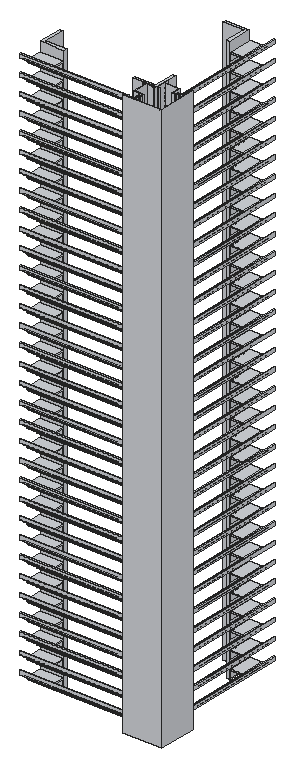
Revit family "ES-EL-2 (Box Corner)", category Mechanical Equipment, Revit 2015 (continued)
Automatic sketch dimensions
  Extrusion 33 sketch curve to Extrusion 33 sketch curve = 0' - 0.04592"
  Extrusion 33 sketch curve to Extrusion 33 sketch curve = 0' - 0.05389"
  Extrusion 33 sketch curve to Extrusion 33 sketch curve = 0' - 0.04285"
  Extrusion 33 sketch curve to Extrusion 33 sketch curve = 0' - 0.07088"
  Extrusion 33 sketch curve to Extrusion 33 sketch curve = 0' - 0.11395"
  Extrusion 33 sketch curve to Extrusion 33 sketch curve = 0' - 0.28177"
  Extrusion 34 sketch curve to Extrusion 34 sketch curve = 0' - 0.059"
  Extrusion 34 sketch curve to Extrusion 34 sketch curve = 0' - 0.09455"
  Extrusion 34 sketch curve to Extrusion 34 sketch curve = 0' - 0.16713"
  Extrusion 34 sketch curve to Extrusion 34 sketch curve = 0' - 0.10396"
  Extrusion 34 sketch curve to Extrusion 34 sketch curve = 0' - 0.04188"
  Extrusion 34 sketch curve to Extrusion 34 sketch curve = 0' - 0.07328"
  Extrusion 34 sketch curve to Extrusion 34 sketch curve = 0' - 0.03705"
  Extrusion 34 sketch curve to Extrusion 34 sketch curve = 0' - 0.06678"
  Extrusion 34 sketch curve to Extrusion 34 sketch curve = 0' - 0.03441"
  Extrusion 34 sketch curve to Extrusion 34 sketch curve = 0' - 0.08971"
  Extrusion 34 sketch curve to Extrusion 34 sketch curve = 0' - 0.06591"
  Extrusion 34 sketch curve to Extrusion 34 sketch curve = 0' - 0.02101"
  Extrusion 34 sketch curve to Extrusion 34 sketch curve = 0' - 0.08093"
  Extrusion 34 sketch curve to Extrusion 34 sketch curve = 0' - 0.0092"
  Extrusion 34 sketch curve to Extrusion 34 sketch curve = 0' - 0.0249"
  Extrusion 34 sketch curve to Extrusion 34 sketch curve = 0' - 0.04679"
  Extrusion 34 sketch curve to Extrusion 34 sketch curve = 0' - 0.04475"
  Extrusion 34 sketch curve to Extrusion 34 sketch curve = 0' - 0.03472"
  Extrusion 34 sketch curve to Extrusion 34 sketch curve = 0' - 0.04794"
  Extrusion 34 sketch curve to Extrusion 34 sketch curve = 0' - 0.09251"
  Extrusion 34 sketch curve to Extrusion 34 sketch curve = 0' - 0.01641"
  Extrusion 34 sketch curve to Extrusion 34 sketch curve = 0' - 0.10787"
  Extrusion 34 sketch curve to Extrusion 34 sketch curve = 0' - 0.07052"
  Extrusion 34 sketch curve to Extrusion 34 sketch curve = 0' - 0.02971"
  Extrusion 34 sketch curve to Extrusion 34 sketch curve = 0' - 0.03652"
  Extrusion 34 sketch curve to Extrusion 34 sketch curve = 0' - 0.06407"
  Extrusion 34 sketch curve to Extrusion 34 sketch curve = 0' - 0.0028"
  Extrusion 34 sketch curve to Extrusion 34 sketch curve = 0' - 0.17908"
  Extrusion 34 sketch curve to Extrusion 34 sketch curve = 0' - 0.0484"
  Extrusion 34 sketch curve to Extrusion 34 sketch curve = 0' - 0.00685"
  Extrusion 34 sketch curve to Extrusion 34 sketch curve = 0' - 0.02635"
  Extrusion 34 sketch curve to Extrusion 34 sketch curve = 0' - 0.03989"
  Extrusion 34 sketch curve to Extrusion 34 sketch curve = 0' - 0.07851"
  Extrusion 34 sketch curve to Extrusion 34 sketch curve = 0' - 0.04274"
  Extrusion 34 sketch curve to Extrusion 34 sketch curve = 0' - 0.05351"
  Extrusion 34 sketch curve to Extrusion 34 sketch curve = 0' - 0.13725"
  Extrusion 34 sketch curve to Extrusion 34 sketch curve = 0' - 0.01694"
  Extrusion 34 sketch curve to Extrusion 34 sketch curve = 0' - 0.06256"
  Extrusion 34 sketch curve to Extrusion 34 sketch curve = 0' - 0.06379"
  Extrusion 34 sketch curve to Extrusion 34 sketch curve = 0' - 0.06947"
  Extrusion 34 sketch curve to Extrusion 34 sketch curve = 0' - 0.00615"
  Extrusion 34 sketch curve to Extrusion 34 sketch curve = 0' - 0.0107"
  Extrusion 34 sketch curve to Extrusion 34 sketch curve = 0' - 0.06383"
  Extrusion 34 sketch curve to Extrusion 34 sketch curve = 0' - 0.00524"
  Extrusion 34 sketch curve to Extrusion 34 sketch curve = 0' - 0.05333"
  Extrusion 34 sketch curve to Extrusion 34 sketch curve = 0' - 0.02167"
  Extrusion 34 sketch curve to Extrusion 34 sketch curve = 0' - 0.06255"
  Extrusion 34 sketch curve to Extrusion 34 sketch curve = 0' - 0.01996"
  Extrusion 34 sketch curve to Extrusion 34 sketch curve = 0' - 0.07389"
  Extrusion 34 sketch curve to Extrusion 34 sketch curve = 0' - 0.08882"
  Extrusion 34 sketch curve to Extrusion 34 sketch curve = 0' - 0.14048"
  Extrusion 34 sketch curve to Extrusion 34 sketch curve = 0' - 0.07571"
  Extrusion 34 sketch curve to Extrusion 34 sketch curve = 0' - 0.01536"
  Extrusion 34 sketch curve to Extrusion 34 sketch curve = 0' - 0.04056"
  Extrusion 34 sketch curve to Extrusion 34 sketch curve = 0' - 0.01509"
  Extrusion 34 sketch curve to Extrusion 34 sketch curve = 0' - 0.03469"
  Extrusion 34 sketch curve to Extrusion 34 sketch curve = 0' - 0.06126"
  Extrusion 34 sketch curve to Extrusion 34 sketch curve = 0' - 0.11488"
  Extrusion 34 sketch curve to Extrusion 34 sketch curve = 0' - 0.04313"
  Extrusion 34 sketch curve to Extrusion 34 sketch curve = 0' - 0.03758"
  Extrusion 34 sketch curve to Extrusion 34 sketch curve = 0' - 0.00683"
  Extrusion 34 sketch curve to Extrusion 34 sketch curve = 0' - 0.05466"
  Extrusion 34 sketch curve to Extrusion 34 sketch curve = 0' - 0.08634"
  Extrusion 34 sketch curve to Extrusion 34 sketch curve = 0' - 0.0603"
  Extrusion 34 sketch curve to Extrusion 34 sketch curve = 0' - 0.05923"
  Extrusion 34 sketch curve to Extrusion 34 sketch curve = 0' - 0.03824"
  Extrusion 34 sketch curve to Extrusion 34 sketch curve = 0' - 0.02856"
  Extrusion 34 sketch curve to Extrusion 34 sketch curve = 0' - 0.01716"
  Extrusion 34 sketch curve to Extrusion 34 sketch curve = 0' - 0.08747"
  Extrusion 34 sketch curve to Extrusion 34 sketch curve = 0' - 0.01878"
  Extrusion 34 sketch curve to Extrusion 34 sketch curve = 0' - 0.03113"
  Extrusion 34 sketch curve to Extrusion 34 sketch curve = 0' - 0.06323"
  Extrusion 34 sketch curve to Extrusion 34 sketch curve = 0' - 0.04564"
  Extrusion 34 sketch curve to Extrusion 34 sketch curve = 0' - 0.03681"
  Extrusion 34 sketch curve to Extrusion 34 sketch curve = 0' - 0.00656"
  Extrusion 34 sketch curve to Extrusion 34 sketch curve = 0' - 0.04106"
  Extrusion 34 sketch curve to Extrusion 34 sketch curve = 0' - 0.04775"
  Extrusion 34 sketch curve to Extrusion 34 sketch curve = 0' - 0.03768"
  Extrusion 34 sketch curve to Extrusion 34 sketch curve = 0' - 0.03841"
  Extrusion 34 sketch curve to Extrusion 34 sketch curve = 0' - 0.03993"
  Extrusion 34 sketch curve to Extrusion 34 sketch curve = 0' - 0.01637"
  Extrusion 34 sketch curve to Extrusion 34 sketch curve = 0' - 0 1/8"
  Extrusion 34 sketch curve to Extrusion 34 sketch curve = 0' - 0.03201"
  Extrusion 34 sketch curve to Extrusion 34 sketch curve = 0' - 0.01218"
  Extrusion 34 sketch curve to Extrusion 34 sketch curve = 0' - 0.00093"
  Extrusion 34 sketch curve to Extrusion 34 sketch curve = 0' - 0.06293"
  Extrusion 34 sketch curve to Extrusion 34 sketch curve = 0' - 0.01359"
  Extrusion 34 sketch curve to Extrusion 34 sketch curve = 0' - 0.06169"
  Extrusion 34 sketch curve to Extrusion 34 sketch curve = 0' - 0.06257"
  Extrusion 34 sketch curve to Extrusion 34 sketch curve = 0' - 0.20021"
  Extrusion 34 sketch curve to Extrusion 34 sketch curve = 0' - 0.05817"
  Extrusion 34 sketch curve to Extrusion 34 sketch curve = 0' - 0.10469"
  Extrusion 34 sketch curve to Extrusion 34 sketch curve = 0' - 0.03118"
  Extrusion 34 sketch curve to Extrusion 34 sketch curve = 0' - 0.14616"
  Extrusion 34 sketch curve to Extrusion 34 sketch curve = 0' - 0.04871"
  Extrusion 34 sketch curve to Extrusion 34 sketch curve = 0' - 0.05895"
  Extrusion 34 sketch curve to Extrusion 34 sketch curve = 0' - 0.04592"
  Extrusion 34 sketch curve to Extrusion 34 sketch curve = 0' - 0.05389"
  Extrusion 34 sketch curve to Extrusion 34 sketch curve = 0' - 0.04285"
  Extrusion 34 sketch curve to Extrusion 34 sketch curve = 0' - 0.07088"
  Extrusion 34 sketch curve to Extrusion 34 sketch curve = 0' - 0.11395"
  Extrusion 34 sketch curve to Extrusion 34 sketch curve = 0' - 0.28177"
  Extrusion 35 sketch curve to Extrusion 35 sketch curve = 0' - 0.059"
  Extrusion 35 sketch curve to Extrusion 35 sketch curve = 0' - 0.09455"
  Extrusion 35 sketch curve to Extrusion 35 sketch curve = 0' - 0.16713"
  Extrusion 35 sketch curve to Extrusion 35 sketch curve = 0' - 0.10396"
  Extrusion 35 sketch curve to Extrusion 35 sketch curve = 0' - 0.04188"
  Extrusion 35 sketch curve to Extrusion 35 sketch curve = 0' - 0.07328"
  Extrusion 35 sketch curve to Extrusion 35 sketch curve = 0' - 0.03705"
  Extrusion 35 sketch curve to Extrusion 35 sketch curve = 0' - 0.06678"
  Extrusion 35 sketch curve to Extrusion 35 sketch curve = 0' - 0.03441"
  Extrusion 35 sketch curve to Extrusion 35 sketch curve = 0' - 0.08971"
  Extrusion 35 sketch curve to Extrusion 35 sketch curve = 0' - 0.06591"
  Extrusion 35 sketch curve to Extrusion 35 sketch curve = 0' - 0.02101"
  Extrusion 35 sketch curve to Extrusion 35 sketch curve = 0' - 0.08093"
  Extrusion 35 sketch curve to Extrusion 35 sketch curve = 0' - 0.0092"
  Extrusion 35 sketch curve to Extrusion 35 sketch curve = 0' - 0.0249"
  Extrusion 35 sketch curve to Extrusion 35 sketch curve = 0' - 0.04679"
  Extrusion 35 sketch curve to Extrusion 35 sketch curve = 0' - 0.04475"
  Extrusion 35 sketch curve to Extrusion 35 sketch curve = 0' - 0.03472"
  Extrusion 35 sketch curve to Extrusion 35 sketch curve = 0' - 0.04794"
  Extrusion 35 sketch curve to Extrusion 35 sketch curve = 0' - 0.09251"
  Extrusion 35 sketch curve to Extrusion 35 sketch curve = 0' - 0.01641"
  Extrusion 35 sketch curve to Extrusion 35 sketch curve = 0' - 0.10787"
  Extrusion 35 sketch curve to Extrusion 35 sketch curve = 0' - 0.07052"
  Extrusion 35 sketch curve to Extrusion 35 sketch curve = 0' - 0.02971"
  Extrusion 35 sketch curve to Extrusion 35 sketch curve = 0' - 0.03652"
  Extrusion 35 sketch curve to Extrusion 35 sketch curve = 0' - 0.06407"
  Extrusion 35 sketch curve to Extrusion 35 sketch curve = 0' - 0.0028"
  Extrusion 35 sketch curve to Extrusion 35 sketch curve = 0' - 0.17908"
  Extrusion 35 sketch curve to Extrusion 35 sketch curve = 0' - 0.0484"
  Extrusion 35 sketch curve to Extrusion 35 sketch curve = 0' - 0.00685"
  Extrusion 35 sketch curve to Extrusion 35 sketch curve = 0' - 0.02635"
  Extrusion 35 sketch curve to Extrusion 35 sketch curve = 0' - 0.03989"
  Extrusion 35 sketch curve to Extrusion 35 sketch curve = 0' - 0.07851"
  Extrusion 35 sketch curve to Extrusion 35 sketch curve = 0' - 0.04274"
  Extrusion 35 sketch curve to Extrusion 35 sketch curve = 0' - 0.05351"
  Extrusion 35 sketch curve to Extrusion 35 sketch curve = 0' - 0.13725"
  Extrusion 35 sketch curve to Extrusion 35 sketch curve = 0' - 0.01694"
  Extrusion 35 sketch curve to Extrusion 35 sketch curve = 0' - 0.06256"
  Extrusion 35 sketch curve to Extrusion 35 sketch curve = 0' - 0.06379"
  Extrusion 35 sketch curve to Extrusion 35 sketch curve = 0' - 0.06947"
  Extrusion 35 sketch curve to Extrusion 35 sketch curve = 0' - 0.00615"
  Extrusion 35 sketch curve to Extrusion 35 sketch curve = 0' - 0.0107"
  Extrusion 35 sketch curve to Extrusion 35 sketch curve = 0' - 0.06383"
  Extrusion 35 sketch curve to Extrusion 35 sketch curve = 0' - 0.00524"
  Extrusion 35 sketch curve to Extrusion 35 sketch curve = 0' - 0.05333"
  Extrusion 35 sketch curve to Extrusion 35 sketch curve = 0' - 0.02167"
  Extrusion 35 sketch curve to Extrusion 35 sketch curve = 0' - 0.06255"
  Extrusion 35 sketch curve to Extrusion 35 sketch curve = 0' - 0.01996"
  Extrusion 35 sketch curve to Extrusion 35 sketch curve = 0' - 0.07389"
  Extrusion 35 sketch curve to Extrusion 35 sketch curve = 0' - 0.08882"
  Extrusion 35 sketch curve to Extrusion 35 sketch curve = 0' - 0.14048"
  Extrusion 35 sketch curve to Extrusion 35 sketch curve = 0' - 0.07571"
  Extrusion 35 sketch curve to Extrusion 35 sketch curve = 0' - 0.01536"
  Extrusion 35 sketch curve to Extrusion 35 sketch curve = 0' - 0.04056"
  Extrusion 35 sketch curve to Extrusion 35 sketch curve = 0' - 0.01509"
  Extrusion 35 sketch curve to Extrusion 35 sketch curve = 0' - 0.03469"
  Extrusion 35 sketch curve to Extrusion 35 sketch curve = 0' - 0.06126"
  Extrusion 35 sketch curve to Extrusion 35 sketch curve = 0' - 0.11488"
  Extrusion 35 sketch curve to Extrusion 35 sketch curve = 0' - 0.04313"
  Extrusion 35 sketch curve to Extrusion 35 sketch curve = 0' - 0.03758"
  Extrusion 35 sketch curve to Extrusion 35 sketch curve = 0' - 0.00683"
  Extrusion 35 sketch curve to Extrusion 35 sketch curve = 0' - 0.05466"
  Extrusion 35 sketch curve to Extrusion 35 sketch curve = 0' - 0.08634"
  Extrusion 35 sketch curve to Extrusion 35 sketch curve = 0' - 0.0603"
  Extrusion 35 sketch curve to Extrusion 35 sketch curve = 0' - 0.05923"
  Extrusion 35 sketch curve to Extrusion 35 sketch curve = 0' - 0.03824"
  Extrusion 35 sketch curve to Extrusion 35 sketch curve = 0' - 0.02856"
  Extrusion 35 sketch curve to Extrusion 35 sketch curve = 0' - 0.01716"
  Extrusion 35 sketch curve to Extrusion 35 sketch curve = 0' - 0.08747"
  Extrusion 35 sketch curve to Extrusion 35 sketch curve = 0' - 0.01878"
  Extrusion 35 sketch curve to Extrusion 35 sketch curve = 0' - 0.03113"
  Extrusion 35 sketch curve to Extrusion 35 sketch curve = 0' - 0.06323"
  Extrusion 35 sketch curve to Extrusion 35 sketch curve = 0' - 0.04564"
  Extrusion 35 sketch curve to Extrusion 35 sketch curve = 0' - 0.03681"
  Extrusion 35 sketch curve to Extrusion 35 sketch curve = 0' - 0.00656"
  Extrusion 35 sketch curve to Extrusion 35 sketch curve = 0' - 0.04106"
  Extrusion 35 sketch curve to Extrusion 35 sketch curve = 0' - 0.04775"
  Extrusion 35 sketch curve to Extrusion 35 sketch curve = 0' - 0.03768"
  Extrusion 35 sketch curve to Extrusion 35 sketch curve = 0' - 0.03841"
  Extrusion 35 sketch curve to Extrusion 35 sketch curve = 0' - 0.03993"
  Extrusion 35 sketch curve to Extrusion 35 sketch curve = 0' - 0.01637"
  Extrusion 35 sketch curve to Extrusion 35 sketch curve = 0' - 0 1/8"
  Extrusion 35 sketch curve to Extrusion 35 sketch curve = 0' - 0.03201"
  Extrusion 35 sketch curve to Extrusion 35 sketch curve = 0' - 0.01218"
  Extrusion 35 sketch curve to Extrusion 35 sketch curve = 0' - 0.00093"
  Extrusion 35 sketch curve to Extrusion 35 sketch curve = 0' - 0.06293"
  Extrusion 35 sketch curve to Extrusion 35 sketch curve = 0' - 0.01359"
  Extrusion 35 sketch curve to Extrusion 35 sketch curve = 0' - 0.06169"
  Extrusion 35 sketch curve to Extrusion 35 sketch curve = 0' - 0.06257"
  Extrusion 35 sketch curve to Extrusion 35 sketch curve = 0' - 0.20021"
  Extrusion 35 sketch curve to Extrusion 35 sketch curve = 0' - 0.05817"
  Extrusion 35 sketch curve to Extrusion 35 sketch curve = 0' - 0.10469"
  Extrusion 35 sketch curve to Extrusion 35 sketch curve = 0' - 0.03118"
  Extrusion 35 sketch curve to Extrusion 35 sketch curve = 0' - 0.14616"
  Extrusion 35 sketch curve to Extrusion 35 sketch curve = 0' - 0.04871"
  Extrusion 35 sketch curve to Extrusion 35 sketch curve = 0' - 0.05895"
  Extrusion 35 sketch curve to Extrusion 35 sketch curve = 0' - 0.04592"
  Extrusion 35 sketch curve to Extrusion 35 sketch curve = 0' - 0.05389"
  Extrusion 35 sketch curve to Extrusion 35 sketch curve = 0' - 0.04285"
  Extrusion 35 sketch curve to Extrusion 35 sketch curve = 0' - 0.07088"
  Extrusion 35 sketch curve to Extrusion 35 sketch curve = 0' - 0.11395"
  Extrusion 35 sketch curve to Extrusion 35 sketch curve = 0' - 0.28177"
  Extrusion 36 sketch curve to Extrusion 36 sketch curve = 0' - 0.059"
  Extrusion 36 sketch curve to Extrusion 36 sketch curve = 0' - 0.09455"
  Extrusion 36 sketch curve to Extrusion 36 sketch curve = 0' - 0.16713"
  Extrusion 36 sketch curve to Extrusion 36 sketch curve = 0' - 0.10396"
  Extrusion 36 sketch curve to Extrusion 36 sketch curve = 0' - 0.04188"
  Extrusion 36 sketch curve to Extrusion 36 sketch curve = 0' - 0.07328"
  Extrusion 36 sketch curve to Extrusion 36 sketch curve = 0' - 0.03705"
  Extrusion 36 sketch curve to Extrusion 36 sketch curve = 0' - 0.06678"
  Extrusion 36 sketch curve to Extrusion 36 sketch curve = 0' - 0.03441"
  Extrusion 36 sketch curve to Extrusion 36 sketch curve = 0' - 0.08971"
  Extrusion 36 sketch curve to Extrusion 36 sketch curve = 0' - 0.06591"
  Extrusion 36 sketch curve to Extrusion 36 sketch curve = 0' - 0.02101"
  Extrusion 36 sketch curve to Extrusion 36 sketch curve = 0' - 0.08093"
  Extrusion 36 sketch curve to Extrusion 36 sketch curve = 0' - 0.0092"
  Extrusion 36 sketch curve to Extrusion 36 sketch curve = 0' - 0.0249"
  Extrusion 36 sketch curve to Extrusion 36 sketch curve = 0' - 0.04679"
  Extrusion 36 sketch curve to Extrusion 36 sketch curve = 0' - 0.04475"
  Extrusion 36 sketch curve to Extrusion 36 sketch curve = 0' - 0.03472"
  Extrusion 36 sketch curve to Extrusion 36 sketch curve = 0' - 0.04794"
  Extrusion 36 sketch curve to Extrusion 36 sketch curve = 0' - 0.09251"
  Extrusion 36 sketch curve to Extrusion 36 sketch curve = 0' - 0.01641"
  Extrusion 36 sketch curve to Extrusion 36 sketch curve = 0' - 0.10787"
  Extrusion 36 sketch curve to Extrusion 36 sketch curve = 0' - 0.07052"
  Extrusion 36 sketch curve to Extrusion 36 sketch curve = 0' - 0.02971"
  Extrusion 36 sketch curve to Extrusion 36 sketch curve = 0' - 0.03652"
  Extrusion 36 sketch curve to Extrusion 36 sketch curve = 0' - 0.06407"
  Extrusion 36 sketch curve to Extrusion 36 sketch curve = 0' - 0.0028"
  Extrusion 36 sketch curve to Extrusion 36 sketch curve = 0' - 0.17908"
  Extrusion 36 sketch curve to Extrusion 36 sketch curve = 0' - 0.0484"
  Extrusion 36 sketch curve to Extrusion 36 sketch curve = 0' - 0.00685"
  Extrusion 36 sketch curve to Extrusion 36 sketch curve = 0' - 0.02635"
  Extrusion 36 sketch curve to Extrusion 36 sketch curve = 0' - 0.03989"
  Extrusion 36 sketch curve to Extrusion 36 sketch curve = 0' - 0.07851"
  Extrusion 36 sketch curve to Extrusion 36 sketch curve = 0' - 0.04274"
  Extrusion 36 sketch curve to Extrusion 36 sketch curve = 0' - 0.05351"
  Extrusion 36 sketch curve to Extrusion 36 sketch curve = 0' - 0.13725"
  Extrusion 36 sketch curve to Extrusion 36 sketch curve = 0' - 0.01694"
  Extrusion 36 sketch curve to Extrusion 36 sketch curve = 0' - 0.06256"
  Extrusion 36 sketch curve to Extrusion 36 sketch curve = 0' - 0.06379"
  Extrusion 36 sketch curve to Extrusion 36 sketch curve = 0' - 0.06947"
  Extrusion 36 sketch curve to Extrusion 36 sketch curve = 0' - 0.00615"
  Extrusion 36 sketch curve to Extrusion 36 sketch curve = 0' - 0.0107"
  Extrusion 36 sketch curve to Extrusion 36 sketch curve = 0' - 0.06383"
  Extrusion 36 sketch curve to Extrusion 36 sketch curve = 0' - 0.00524"
  Extrusion 36 sketch curve to Extrusion 36 sketch curve = 0' - 0.05333"
  Extrusion 36 sketch curve to Extrusion 36 sketch curve = 0' - 0.02167"
  Extrusion 36 sketch curve to Extrusion 36 sketch curve = 0' - 0.06255"
  Extrusion 36 sketch curve to Extrusion 36 sketch curve = 0' - 0.01996"
  Extrusion 36 sketch curve to Extrusion 36 sketch curve = 0' - 0.07389"
  Extrusion 36 sketch curve to Extrusion 36 sketch curve = 0' - 0.08882"
  Extrusion 36 sketch curve to Extrusion 36 sketch curve = 0' - 0.14048"
  Extrusion 36 sketch curve to Extrusion 36 sketch curve = 0' - 0.07571"
  Extrusion 36 sketch curve to Extrusion 36 sketch curve = 0' - 0.01536"
  Extrusion 36 sketch curve to Extrusion 36 sketch curve = 0' - 0.04056"
  Extrusion 36 sketch curve to Extrusion 36 sketch curve = 0' - 0.01509"
  Extrusion 36 sketch curve to Extrusion 36 sketch curve = 0' - 0.03469"
  Extrusion 36 sketch curve to Extrusion 36 sketch curve = 0' - 0.06126"
  Extrusion 36 sketch curve to Extrusion 36 sketch curve = 0' - 0.11488"
  Extrusion 36 sketch curve to Extrusion 36 sketch curve = 0' - 0.04313"
  Extrusion 36 sketch curve to Extrusion 36 sketch curve = 0' - 0.03758"
  Extrusion 36 sketch curve to Extrusion 36 sketch curve = 0' - 0.00683"
  Extrusion 36 sketch curve to Extrusion 36 sketch curve = 0' - 0.05466"
  Extrusion 36 sketch curve to Extrusion 36 sketch curve = 0' - 0.08634"
  Extrusion 36 sketch curve to Extrusion 36 sketch curve = 0' - 0.0603"
  Extrusion 36 sketch curve to Extrusion 36 sketch curve = 0' - 0.05923"
  Extrusion 36 sketch curve to Extrusion 36 sketch curve = 0' - 0.03824"
  Extrusion 36 sketch curve to Extrusion 36 sketch curve = 0' - 0.02856"
  Extrusion 36 sketch curve to Extrusion 36 sketch curve = 0' - 0.01716"
  Extrusion 36 sketch curve to Extrusion 36 sketch curve = 0' - 0.08747"
  Extrusion 36 sketch curve to Extrusion 36 sketch curve = 0' - 0.01878"
  Extrusion 36 sketch curve to Extrusion 36 sketch curve = 0' - 0.03113"
  Extrusion 36 sketch curve to Extrusion 36 sketch curve = 0' - 0.06323"
  Extrusion 36 sketch curve to Extrusion 36 sketch curve = 0' - 0.04564"
  Extrusion 36 sketch curve to Extrusion 36 sketch curve = 0' - 0.03681"
  Extrusion 36 sketch curve to Extrusion 36 sketch curve = 0' - 0.00656"
  Extrusion 36 sketch curve to Extrusion 36 sketch curve = 0' - 0.04106"
  Extrusion 36 sketch curve to Extrusion 36 sketch curve = 0' - 0.04775"
  Extrusion 36 sketch curve to Extrusion 36 sketch curve = 0' - 0.03768"
  Extrusion 36 sketch curve to Extrusion 36 sketch curve = 0' - 0.03841"
  Extrusion 36 sketch curve to Extrusion 36 sketch curve = 0' - 0.03993"
  Extrusion 36 sketch curve to Extrusion 36 sketch curve = 0' - 0.01637"
  Extrusion 36 sketch curve to Extrusion 36 sketch curve = 0' - 0 1/8"
  Extrusion 36 sketch curve to Extrusion 36 sketch curve = 0' - 0.03201"
  Extrusion 36 sketch curve to Extrusion 36 sketch curve = 0' - 0.01218"
  Extrusion 36 sketch curve to Extrusion 36 sketch curve = 0' - 0.00093"
  Extrusion 36 sketch curve to Extrusion 36 sketch curve = 0' - 0.06293"
  Extrusion 36 sketch curve to Extrusion 36 sketch curve = 0' - 0.01359"
  Extrusion 36 sketch curve to Extrusion 36 sketch curve = 0' - 0.06169"
  Extrusion 36 sketch curve to Extrusion 36 sketch curve = 0' - 0.06257"
  Extrusion 36 sketch curve to Extrusion 36 sketch curve = 0' - 0.20021"
  Extrusion 36 sketch curve to Extrusion 36 sketch curve = 0' - 0.05817"
  Extrusion 36 sketch curve to Extrusion 36 sketch curve = 0' - 0.10469"
  Extrusion 36 sketch curve to Extrusion 36 sketch curve = 0' - 0.03118"
  Extrusion 36 sketch curve to Extrusion 36 sketch curve = 0' - 0.14616"
  Extrusion 36 sketch curve to Extrusion 36 sketch curve = 0' - 0.04871"
  Extrusion 36 sketch curve to Extrusion 36 sketch curve = 0' - 0.05895"
  Extrusion 36 sketch curve to Extrusion 36 sketch curve = 0' - 0.04592"
  Extrusion 36 sketch curve to Extrusion 36 sketch curve = 0' - 0.05389"
  Extrusion 36 sketch curve to Extrusion 36 sketch curve = 0' - 0.04285"
  Extrusion 36 sketch curve to Extrusion 36 sketch curve = 0' - 0.07088"
  Extrusion 36 sketch curve to Extrusion 36 sketch curve = 0' - 0.11395"
  Extrusion 36 sketch curve to Extrusion 36 sketch curve = 0' - 0.28177"
  Extrusion 37 sketch curve to Extrusion 37 sketch curve = 0' - 0.059"
  Extrusion 37 sketch curve to Extrusion 37 sketch curve = 0' - 0.09455"
  Extrusion 37 sketch curve to Extrusion 37 sketch curve = 0' - 0.16713"
  Extrusion 37 sketch curve to Extrusion 37 sketch curve = 0' - 0.10396"
  Extrusion 37 sketch curve to Extrusion 37 sketch curve = 0' - 0.04188"
  Extrusion 37 sketch curve to Extrusion 37 sketch curve = 0' - 0.07328"
  Extrusion 37 sketch curve to Extrusion 37 sketch curve = 0' - 0.03705"
  Extrusion 37 sketch curve to Extrusion 37 sketch curve = 0' - 0.06678"
  Extrusion 37 sketch curve to Extrusion 37 sketch curve = 0' - 0.03441"
  Extrusion 37 sketch curve to Extrusion 37 sketch curve = 0' - 0.08971"
  Extrusion 37 sketch curve to Extrusion 37 sketch curve = 0' - 0.06591"
  Extrusion 37 sketch curve to Extrusion 37 sketch curve = 0' - 0.02101"
  Extrusion 37 sketch curve to Extrusion 37 sketch curve = 0' - 0.08093"
  Extrusion 37 sketch curve to Extrusion 37 sketch curve = 0' - 0.0092"
  Extrusion 37 sketch curve to Extrusion 37 sketch curve = 0' - 0.0249"
  Extrusion 37 sketch curve to Extrusion 37 sketch curve = 0' - 0.04679"
  Extrusion 37 sketch curve to Extrusion 37 sketch curve = 0' - 0.04475"
  Extrusion 37 sketch curve to Extrusion 37 sketch curve = 0' - 0.03472"
  Extrusion 37 sketch curve to Extrusion 37 sketch curve = 0' - 0.04794"
  Extrusion 37 sketch curve to Extrusion 37 sketch curve = 0' - 0.09251"
  Extrusion 37 sketch curve to Extrusion 37 sketch curve = 0' - 0.01641"
  Extrusion 37 sketch curve to Extrusion 37 sketch curve = 0' - 0.10787"
  Extrusion 37 sketch curve to Extrusion 37 sketch curve = 0' - 0.07052"
  Extrusion 37 sketch curve to Extrusion 37 sketch curve = 0' - 0.02971"
  Extrusion 37 sketch curve to Extrusion 37 sketch curve = 0' - 0.03652"
  Extrusion 37 sketch curve to Extrusion 37 sketch curve = 0' - 0.06407"
  Extrusion 37 sketch curve to Extrusion 37 sketch curve = 0' - 0.0028"
  Extrusion 37 sketch curve to Extrusion 37 sketch curve = 0' - 0.17908"
  Extrusion 37 sketch curve to Extrusion 37 sketch curve = 0' - 0.0484"
  Extrusion 37 sketch curve to Extrusion 37 sketch curve = 0' - 0.00685"
  Extrusion 37 sketch curve to Extrusion 37 sketch curve = 0' - 0.02635"
  Extrusion 37 sketch curve to Extrusion 37 sketch curve = 0' - 0.03989"
  Extrusion 37 sketch curve to Extrusion 37 sketch curve = 0' - 0.07851"
  Extrusion 37 sketch curve to Extrusion 37 sketch curve = 0' - 0.04274"
  Extrusion 37 sketch curve to Extrusion 37 sketch curve = 0' - 0.05351"
  Extrusion 37 sketch curve to Extrusion 37 sketch curve = 0' - 0.13725"
  Extrusion 37 sketch curve to Extrusion 37 sketch curve = 0' - 0.01694"
  Extrusion 37 sketch curve to Extrusion 37 sketch curve = 0' - 0.06256"
  Extrusion 37 sketch curve to Extrusion 37 sketch curve = 0' - 0.06379"
  Extrusion 37 sketch curve to Extrusion 37 sketch curve = 0' - 0.06947"
  Extrusion 37 sketch curve to Extrusion 37 sketch curve = 0' - 0.00615"
  Extrusion 37 sketch curve to Extrusion 37 sketch curve = 0' - 0.0107"
  Extrusion 37 sketch curve to Extrusion 37 sketch curve = 0' - 0.06383"
  Extrusion 37 sketch curve to Extrusion 37 sketch curve = 0' - 0.00524"
  Extrusion 37 sketch curve to Extrusion 37 sketch curve = 0' - 0.05333"
  Extrusion 37 sketch curve to Extrusion 37 sketch curve = 0' - 0.02167"
  Extrusion 37 sketch curve to Extrusion 37 sketch curve = 0' - 0.06255"
  Extrusion 37 sketch curve to Extrusion 37 sketch curve = 0' - 0.01996"
  Extrusion 37 sketch curve to Extrusion 37 sketch curve = 0' - 0.07389"
  Extrusion 37 sketch curve to Extrusion 37 sketch curve = 0' - 0.08882"
  Extrusion 37 sketch curve to Extrusion 37 sketch curve = 0' - 0.14048"
  Extrusion 37 sketch curve to Extrusion 37 sketch curve = 0' - 0.13587"
  Extrusion 37 sketch curve to Extrusion 37 sketch curve = 0' - 0.03118"
  Extrusion 37 sketch curve to Extrusion 37 sketch curve = 0' - 0.07571"
  Extrusion 37 sketch curve to Extrusion 37 sketch curve = 0' - 0.01536"
  Extrusion 37 sketch curve to Extrusion 37 sketch curve = 0' - 0.04056"
  Extrusion 37 sketch curve to Extrusion 37 sketch curve = 0' - 0.01509"
  Extrusion 37 sketch curve to Extrusion 37 sketch curve = 0' - 0.03469"
  Extrusion 37 sketch curve to Extrusion 37 sketch curve = 0' - 0.06126"
  Extrusion 37 sketch curve to Extrusion 37 sketch curve = 0' - 0.11488"
  Extrusion 37 sketch curve to Extrusion 37 sketch curve = 0' - 0.04313"
  Extrusion 37 sketch curve to Extrusion 37 sketch curve = 0' - 0.03758"
  Extrusion 37 sketch curve to Extrusion 37 sketch curve = 0' - 0.00683"
  Extrusion 37 sketch curve to Extrusion 37 sketch curve = 0' - 0.05466"
  Extrusion 37 sketch curve to Extrusion 37 sketch curve = 0' - 0.08634"
  Extrusion 37 sketch curve to Extrusion 37 sketch curve = 0' - 0.0603"
  Extrusion 37 sketch curve to Extrusion 37 sketch curve = 0' - 0.05923"
  Extrusion 37 sketch curve to Extrusion 37 sketch curve = 0' - 0.03824"
  Extrusion 37 sketch curve to Extrusion 37 sketch curve = 0' - 0.02856"
  Extrusion 37 sketch curve to Extrusion 37 sketch curve = 0' - 0.01716"
  Extrusion 37 sketch curve to Extrusion 37 sketch curve = 0' - 0.08747"
  Extrusion 37 sketch curve to Extrusion 37 sketch curve = 0' - 0.01878"
  Extrusion 37 sketch curve to Extrusion 37 sketch curve = 0' - 0.03113"
  Extrusion 37 sketch curve to Extrusion 37 sketch curve = 0' - 0.06323"
  Extrusion 37 sketch curve to Extrusion 37 sketch curve = 0' - 0.04564"
  Extrusion 37 sketch curve to Extrusion 37 sketch curve = 0' - 0.03681"
  Extrusion 37 sketch curve to Extrusion 37 sketch curve = 0' - 0.00656"
  Extrusion 37 sketch curve to Extrusion 37 sketch curve = 0' - 0.04106"
  Extrusion 37 sketch curve to Extrusion 37 sketch curve = 0' - 0.04775"
  Extrusion 37 sketch curve to Extrusion 37 sketch curve = 0' - 0.03768"
  Extrusion 37 sketch curve to Extrusion 37 sketch curve = 0' - 0.03841"
  Extrusion 37 sketch curve to Extrusion 37 sketch curve = 0' - 0.03993"
  Extrusion 37 sketch curve to Extrusion 37 sketch curve = 0' - 0.01637"
  Extrusion 37 sketch curve to Extrusion 37 sketch curve = 0' - 0 1/8"
  Extrusion 37 sketch curve to Extrusion 37 sketch curve = 0' - 0.03201"
  Extrusion 37 sketch curve to Extrusion 37 sketch curve = 0' - 0.01218"
  Extrusion 37 sketch curve to Extrusion 37 sketch curve = 0' - 0.00093"
  Extrusion 37 sketch curve to Extrusion 37 sketch curve = 0' - 0.06293"
  Extrusion 37 sketch curve to Extrusion 37 sketch curve = 0' - 0.01359"
  Extrusion 37 sketch curve to Extrusion 37 sketch curve = 0' - 0.06169"
  Extrusion 37 sketch curve to Extrusion 37 sketch curve = 0' - 0.06257"
  Extrusion 37 sketch curve to Extrusion 37 sketch curve = 0' - 0.20021"
  Extrusion 37 sketch curve to Extrusion 37 sketch curve = 0' - 0.05817"
  Extrusion 37 sketch curve to Extrusion 37 sketch curve = 0' - 0.14616"
  Extrusion 37 sketch curve to Extrusion 37 sketch curve = 0' - 0.28177"
  Extrusion 37 sketch curve to Extrusion 37 sketch curve = 0' - 0.11395"
  Extrusion 37 sketch curve to Extrusion 37 sketch curve = 0' - 0.02803"
  Extrusion 37 sketch curve to Extrusion 37 sketch curve = 0' - 0.04285"
  Extrusion 37 sketch curve to Extrusion 37 sketch curve = 0' - 0.05082"
  Extrusion 37 sketch curve to Extrusion 37 sketch curve = 0' - 0.04592"
  Extrusion 37 sketch curve to Extrusion 37 sketch curve = 0' - 0.05616"
  Extrusion 37 sketch curve to Extrusion 37 sketch curve = 0' - 0.04871"
  Extrusion 38 sketch curve to Extrusion 38 sketch curve = 0' - 0.059"
  Extrusion 38 sketch curve to Extrusion 38 sketch curve = 0' - 0.09455"
  Extrusion 38 sketch curve to Extrusion 38 sketch curve = 0' - 0.16713"
  Extrusion 38 sketch curve to Extrusion 38 sketch curve = 0' - 0.10396"
  Extrusion 38 sketch curve to Extrusion 38 sketch curve = 0' - 0.04188"
  Extrusion 38 sketch curve to Extrusion 38 sketch curve = 0' - 0.07328"
  Extrusion 38 sketch curve to Extrusion 38 sketch curve = 0' - 0.03705"
  Extrusion 38 sketch curve to Extrusion 38 sketch curve = 0' - 0.06678"
  Extrusion 38 sketch curve to Extrusion 38 sketch curve = 0' - 0.03441"
  Extrusion 38 sketch curve to Extrusion 38 sketch curve = 0' - 0.08971"
  Extrusion 38 sketch curve to Extrusion 38 sketch curve = 0' - 0.06591"
  Extrusion 38 sketch curve to Extrusion 38 sketch curve = 0' - 0.02101"
  Extrusion 38 sketch curve to Extrusion 38 sketch curve = 0' - 0.08093"
  Extrusion 38 sketch curve to Extrusion 38 sketch curve = 0' - 0.0092"
  Extrusion 38 sketch curve to Extrusion 38 sketch curve = 0' - 0.0249"
  Extrusion 38 sketch curve to Extrusion 38 sketch curve = 0' - 0.04679"
  Extrusion 38 sketch curve to Extrusion 38 sketch curve = 0' - 0.04475"
  Extrusion 38 sketch curve to Extrusion 38 sketch curve = 0' - 0.03472"
  Extrusion 38 sketch curve to Extrusion 38 sketch curve = 0' - 0.04794"
  Extrusion 38 sketch curve to Extrusion 38 sketch curve = 0' - 0.09251"
  Extrusion 38 sketch curve to Extrusion 38 sketch curve = 0' - 0.01641"
  Extrusion 38 sketch curve to Extrusion 38 sketch curve = 0' - 0.10787"
  Extrusion 38 sketch curve to Extrusion 38 sketch curve = 0' - 0.07052"
  Extrusion 38 sketch curve to Extrusion 38 sketch curve = 0' - 0.02971"
  Extrusion 38 sketch curve to Extrusion 38 sketch curve = 0' - 0.03652"
  Extrusion 38 sketch curve to Extrusion 38 sketch curve = 0' - 0.06407"
  Extrusion 38 sketch curve to Extrusion 38 sketch curve = 0' - 0.0028"
  Extrusion 38 sketch curve to Extrusion 38 sketch curve = 0' - 0.17908"
  Extrusion 38 sketch curve to Extrusion 38 sketch curve = 0' - 0.0484"
  Extrusion 38 sketch curve to Extrusion 38 sketch curve = 0' - 0.00685"
  Extrusion 38 sketch curve to Extrusion 38 sketch curve = 0' - 0.02635"
  Extrusion 38 sketch curve to Extrusion 38 sketch curve = 0' - 0.03989"
  Extrusion 38 sketch curve to Extrusion 38 sketch curve = 0' - 0.07851"
  Extrusion 38 sketch curve to Extrusion 38 sketch curve = 0' - 0.04274"
  Extrusion 38 sketch curve to Extrusion 38 sketch curve = 0' - 0.05351"
  Extrusion 38 sketch curve to Extrusion 38 sketch curve = 0' - 0.13725"
  Extrusion 38 sketch curve to Extrusion 38 sketch curve = 0' - 0.01694"
  Extrusion 38 sketch curve to Extrusion 38 sketch curve = 0' - 0.06256"
  Extrusion 38 sketch curve to Extrusion 38 sketch curve = 0' - 0.06379"
  Extrusion 38 sketch curve to Extrusion 38 sketch curve = 0' - 0.06947"
  Extrusion 38 sketch curve to Extrusion 38 sketch curve = 0' - 0.00615"
  Extrusion 38 sketch curve to Extrusion 38 sketch curve = 0' - 0.0107"
  Extrusion 38 sketch curve to Extrusion 38 sketch curve = 0' - 0.06383"
  Extrusion 38 sketch curve to Extrusion 38 sketch curve = 0' - 0.00524"
  Extrusion 38 sketch curve to Extrusion 38 sketch curve = 0' - 0.05333"
  Extrusion 38 sketch curve to Extrusion 38 sketch curve = 0' - 0.02167"
  Extrusion 38 sketch curve to Extrusion 38 sketch curve = 0' - 0.06255"
  Extrusion 38 sketch curve to Extrusion 38 sketch curve = 0' - 0.01996"
  Extrusion 38 sketch curve to Extrusion 38 sketch curve = 0' - 0.07389"
  Extrusion 38 sketch curve to Extrusion 38 sketch curve = 0' - 0.08882"
  Extrusion 38 sketch curve to Extrusion 38 sketch curve = 0' - 0.14048"
  Extrusion 38 sketch curve to Extrusion 38 sketch curve = 0' - 0.13587"
  Extrusion 38 sketch curve to Extrusion 38 sketch curve = 0' - 0.03118"
  Extrusion 38 sketch curve to Extrusion 38 sketch curve = 0' - 0.07571"
  Extrusion 38 sketch curve to Extrusion 38 sketch curve = 0' - 0.01536"
  Extrusion 38 sketch curve to Extrusion 38 sketch curve = 0' - 0.04056"
  Extrusion 38 sketch curve to Extrusion 38 sketch curve = 0' - 0.01509"
  Extrusion 38 sketch curve to Extrusion 38 sketch curve = 0' - 0.03469"
  Extrusion 38 sketch curve to Extrusion 38 sketch curve = 0' - 0.06126"
  Extrusion 38 sketch curve to Extrusion 38 sketch curve = 0' - 0.11488"
  Extrusion 38 sketch curve to Extrusion 38 sketch curve = 0' - 0.04313"
  Extrusion 38 sketch curve to Extrusion 38 sketch curve = 0' - 0.03758"
  Extrusion 38 sketch curve to Extrusion 38 sketch curve = 0' - 0.00683"
  Extrusion 38 sketch curve to Extrusion 38 sketch curve = 0' - 0.05466"
  Extrusion 38 sketch curve to Extrusion 38 sketch curve = 0' - 0.08634"
  Extrusion 38 sketch curve to Extrusion 38 sketch curve = 0' - 0.0603"
  Extrusion 38 sketch curve to Extrusion 38 sketch curve = 0' - 0.05923"
  Extrusion 38 sketch curve to Extrusion 38 sketch curve = 0' - 0.03824"
  Extrusion 38 sketch curve to Extrusion 38 sketch curve = 0' - 0.02856"
  Extrusion 38 sketch curve to Extrusion 38 sketch curve = 0' - 0.01716"
  Extrusion 38 sketch curve to Extrusion 38 sketch curve = 0' - 0.08747"
  Extrusion 38 sketch curve to Extrusion 38 sketch curve = 0' - 0.01878"
  Extrusion 38 sketch curve to Extrusion 38 sketch curve = 0' - 0.03113"
  Extrusion 38 sketch curve to Extrusion 38 sketch curve = 0' - 0.06323"
  Extrusion 38 sketch curve to Extrusion 38 sketch curve = 0' - 0.04564"
  Extrusion 38 sketch curve to Extrusion 38 sketch curve = 0' - 0.03681"
  Extrusion 38 sketch curve to Extrusion 38 sketch curve = 0' - 0.00656"
  Extrusion 38 sketch curve to Extrusion 38 sketch curve = 0' - 0.04106"
  Extrusion 38 sketch curve to Extrusion 38 sketch curve = 0' - 0.04775"
  Extrusion 38 sketch curve to Extrusion 38 sketch curve = 0' - 0.03768"
  Extrusion 38 sketch curve to Extrusion 38 sketch curve = 0' - 0.03841"
  Extrusion 38 sketch curve to Extrusion 38 sketch curve = 0' - 0.03993"
  Extrusion 38 sketch curve to Extrusion 38 sketch curve = 0' - 0.01637"
  Extrusion 38 sketch curve to Extrusion 38 sketch curve = 0' - 0 1/8"
  Extrusion 38 sketch curve to Extrusion 38 sketch curve = 0' - 0.03201"
  Extrusion 38 sketch curve to Extrusion 38 sketch curve = 0' - 0.01218"
  Extrusion 38 sketch curve to Extrusion 38 sketch curve = 0' - 0.00093"
  Extrusion 38 sketch curve to Extrusion 38 sketch curve = 0' - 0.06293"
  Extrusion 38 sketch curve to Extrusion 38 sketch curve = 0' - 0.01359"
  Extrusion 38 sketch curve to Extrusion 38 sketch curve = 0' - 0.06169"
  Extrusion 38 sketch curve to Extrusion 38 sketch curve = 0' - 0.06257"
  Extrusion 38 sketch curve to Extrusion 38 sketch curve = 0' - 0.20021"
  Extrusion 38 sketch curve to Extrusion 38 sketch curve = 0' - 0.05817"
  Extrusion 38 sketch curve to Extrusion 38 sketch curve = 0' - 0.14616"
  Extrusion 38 sketch curve to Extrusion 38 sketch curve = 0' - 0.28177"
  Extrusion 38 sketch curve to Extrusion 38 sketch curve = 0' - 0.11395"
  Extrusion 38 sketch curve to Extrusion 38 sketch curve = 0' - 0.02803"
  Extrusion 38 sketch curve to Extrusion 38 sketch curve = 0' - 0.04285"
  Extrusion 38 sketch curve to Extrusion 38 sketch curve = 0' - 0.05082"
  Extrusion 38 sketch curve to Extrusion 38 sketch curve = 0' - 0.04592"
  Extrusion 38 sketch curve to Extrusion 38 sketch curve = 0' - 0.05616"
  Extrusion 38 sketch curve to Extrusion 38 sketch curve = 0' - 0.04871"
  Extrusion 39 sketch curve to Extrusion 39 sketch curve = 0' - 0.059"
  Extrusion 39 sketch curve to Extrusion 39 sketch curve = 0' - 0.09455"
  Extrusion 39 sketch curve to Extrusion 39 sketch curve = 0' - 0.16713"
  Extrusion 39 sketch curve to Extrusion 39 sketch curve = 0' - 0.10396"
  Extrusion 39 sketch curve to Extrusion 39 sketch curve = 0' - 0.04188"
  Extrusion 39 sketch curve to Extrusion 39 sketch curve = 0' - 0.07328"
  Extrusion 39 sketch curve to Extrusion 39 sketch curve = 0' - 0.03705"
  Extrusion 39 sketch curve to Extrusion 39 sketch curve = 0' - 0.06678"
  Extrusion 39 sketch curve to Extrusion 39 sketch curve = 0' - 0.03441"
  Extrusion 39 sketch curve to Extrusion 39 sketch curve = 0' - 0.08971"
  Extrusion 39 sketch curve to Extrusion 39 sketch curve = 0' - 0.06591"
  Extrusion 39 sketch curve to Extrusion 39 sketch curve = 0' - 0.02101"
  Extrusion 39 sketch curve to Extrusion 39 sketch curve = 0' - 0.08093"
  Extrusion 39 sketch curve to Extrusion 39 sketch curve = 0' - 0.0092"
  Extrusion 39 sketch curve to Extrusion 39 sketch curve = 0' - 0.0249"
  Extrusion 39 sketch curve to Extrusion 39 sketch curve = 0' - 0.04679"
  Extrusion 39 sketch curve to Extrusion 39 sketch curve = 0' - 0.04475"
  Extrusion 39 sketch curve to Extrusion 39 sketch curve = 0' - 0.03472"
  Extrusion 39 sketch curve to Extrusion 39 sketch curve = 0' - 0.04794"
  Extrusion 39 sketch curve to Extrusion 39 sketch curve = 0' - 0.09251"
  Extrusion 39 sketch curve to Extrusion 39 sketch curve = 0' - 0.01641"
  Extrusion 39 sketch curve to Extrusion 39 sketch curve = 0' - 0.10787"
  Extrusion 39 sketch curve to Extrusion 39 sketch curve = 0' - 0.07052"
  Extrusion 39 sketch curve to Extrusion 39 sketch curve = 0' - 0.02971"
  Extrusion 39 sketch curve to Extrusion 39 sketch curve = 0' - 0.03652"
  Extrusion 39 sketch curve to Extrusion 39 sketch curve = 0' - 0.06407"
  Extrusion 39 sketch curve to Extrusion 39 sketch curve = 0' - 0.0028"
  Extrusion 39 sketch curve to Extrusion 39 sketch curve = 0' - 0.17908"
  Extrusion 39 sketch curve to Extrusion 39 sketch curve = 0' - 0.0484"
  Extrusion 39 sketch curve to Extrusion 39 sketch curve = 0' - 0.00685"
  Extrusion 39 sketch curve to Extrusion 39 sketch curve = 0' - 0.02635"
  Extrusion 39 sketch curve to Extrusion 39 sketch curve = 0' - 0.03989"
  Extrusion 39 sketch curve to Extrusion 39 sketch curve = 0' - 0.07851"
  Extrusion 39 sketch curve to Extrusion 39 sketch curve = 0' - 0.04274"
  Extrusion 39 sketch curve to Extrusion 39 sketch curve = 0' - 0.05351"
  Extrusion 39 sketch curve to Extrusion 39 sketch curve = 0' - 0.13725"
  Extrusion 39 sketch curve to Extrusion 39 sketch curve = 0' - 0.01694"
  Extrusion 39 sketch curve to Extrusion 39 sketch curve = 0' - 0.06256"
  Extrusion 39 sketch curve to Extrusion 39 sketch curve = 0' - 0.06379"
  Extrusion 39 sketch curve to Extrusion 39 sketch curve = 0' - 0.06947"
  Extrusion 39 sketch curve to Extrusion 39 sketch curve = 0' - 0.00615"
  Extrusion 39 sketch curve to Extrusion 39 sketch curve = 0' - 0.0107"
  Extrusion 39 sketch curve to Extrusion 39 sketch curve = 0' - 0.06383"
  Extrusion 39 sketch curve to Extrusion 39 sketch curve = 0' - 0.00524"
  Extrusion 39 sketch curve to Extrusion 39 sketch curve = 0' - 0.05333"
  Extrusion 39 sketch curve to Extrusion 39 sketch curve = 0' - 0.02167"
  Extrusion 39 sketch curve to Extrusion 39 sketch curve = 0' - 0.06255"
  Extrusion 39 sketch curve to Extrusion 39 sketch curve = 0' - 0.01996"
  Extrusion 39 sketch curve to Extrusion 39 sketch curve = 0' - 0.07389"
  Extrusion 39 sketch curve to Extrusion 39 sketch curve = 0' - 0.08882"
  Extrusion 39 sketch curve to Extrusion 39 sketch curve = 0' - 0.14048"
  Extrusion 39 sketch curve to Extrusion 39 sketch curve = 0' - 0.13587"
  Extrusion 39 sketch curve to Extrusion 39 sketch curve = 0' - 0.03118"
  Extrusion 39 sketch curve to Extrusion 39 sketch curve = 0' - 0.07571"
  Extrusion 39 sketch curve to Extrusion 39 sketch curve = 0' - 0.01536"
  Extrusion 39 sketch curve to Extrusion 39 sketch curve = 0' - 0.04056"
  Extrusion 39 sketch curve to Extrusion 39 sketch curve = 0' - 0.01509"
  Extrusion 39 sketch curve to Extrusion 39 sketch curve = 0' - 0.03469"
  Extrusion 39 sketch curve to Extrusion 39 sketch curve = 0' - 0.06126"
  Extrusion 39 sketch curve to Extrusion 39 sketch curve = 0' - 0.11488"
  Extrusion 39 sketch curve to Extrusion 39 sketch curve = 0' - 0.04313"
  Extrusion 39 sketch curve to Extrusion 39 sketch curve = 0' - 0.03758"
  Extrusion 39 sketch curve to Extrusion 39 sketch curve = 0' - 0.00683"
  Extrusion 39 sketch curve to Extrusion 39 sketch curve = 0' - 0.05466"
  Extrusion 39 sketch curve to Extrusion 39 sketch curve = 0' - 0.08634"
  Extrusion 39 sketch curve to Extrusion 39 sketch curve = 0' - 0.0603"
  Extrusion 39 sketch curve to Extrusion 39 sketch curve = 0' - 0.05923"
  Extrusion 39 sketch curve to Extrusion 39 sketch curve = 0' - 0.03824"
  Extrusion 39 sketch curve to Extrusion 39 sketch curve = 0' - 0.02856"
  Extrusion 39 sketch curve to Extrusion 39 sketch curve = 0' - 0.01716"
  Extrusion 39 sketch curve to Extrusion 39 sketch curve = 0' - 0.08747"
  Extrusion 39 sketch curve to Extrusion 39 sketch curve = 0' - 0.01878"
  Extrusion 39 sketch curve to Extrusion 39 sketch curve = 0' - 0.03113"
  Extrusion 39 sketch curve to Extrusion 39 sketch curve = 0' - 0.06323"
  Extrusion 39 sketch curve to Extrusion 39 sketch curve = 0' - 0.04564"
  Extrusion 39 sketch curve to Extrusion 39 sketch curve = 0' - 0.03681"
  Extrusion 39 sketch curve to Extrusion 39 sketch curve = 0' - 0.00656"
  Extrusion 39 sketch curve to Extrusion 39 sketch curve = 0' - 0.04106"
  Extrusion 39 sketch curve to Extrusion 39 sketch curve = 0' - 0.04775"
  Extrusion 39 sketch curve to Extrusion 39 sketch curve = 0' - 0.03768"
  Extrusion 39 sketch curve to Extrusion 39 sketch curve = 0' - 0.03841"
  Extrusion 39 sketch curve to Extrusion 39 sketch curve = 0' - 0.03993"
  Extrusion 39 sketch curve to Extrusion 39 sketch curve = 0' - 0.01637"
  Extrusion 39 sketch curve to Extrusion 39 sketch curve = 0' - 0 1/8"
  Extrusion 39 sketch curve to Extrusion 39 sketch curve = 0' - 0.03201"
  Extrusion 39 sketch curve to Extrusion 39 sketch curve = 0' - 0.01218"
  Extrusion 39 sketch curve to Extrusion 39 sketch curve = 0' - 0.00093"
  Extrusion 39 sketch curve to Extrusion 39 sketch curve = 0' - 0.06293"
  Extrusion 39 sketch curve to Extrusion 39 sketch curve = 0' - 0.01359"
  Extrusion 39 sketch curve to Extrusion 39 sketch curve = 0' - 0.06169"
  Extrusion 39 sketch curve to Extrusion 39 sketch curve = 0' - 0.06257"
  Extrusion 39 sketch curve to Extrusion 39 sketch curve = 0' - 0.20021"
  Extrusion 39 sketch curve to Extrusion 39 sketch curve = 0' - 0.05817"
  Extrusion 39 sketch curve to Extrusion 39 sketch curve = 0' - 0.14616"
  Extrusion 39 sketch curve to Extrusion 39 sketch curve = 0' - 0.28177"
  Extrusion 39 sketch curve to Extrusion 39 sketch curve = 0' - 0.11395"
  Extrusion 39 sketch curve to Extrusion 39 sketch curve = 0' - 0.02803"
  Extrusion 39 sketch curve to Extrusion 39 sketch curve = 0' - 0.04285"
  Extrusion 39 sketch curve to Extrusion 39 sketch curve = 0' - 0.05082"
  Extrusion 39 sketch curve to Extrusion 39 sketch curve = 0' - 0.04592"
  Extrusion 39 sketch curve to Extrusion 39 sketch curve = 0' - 0.05616"
  Extrusion 39 sketch curve to Extrusion 39 sketch curve = 0' - 0.04871"
  Extrusion 40 sketch curve to Extrusion 40 sketch curve = 0' - 0.059"
  Extrusion 40 sketch curve to Extrusion 40 sketch curve = 0' - 0.09455"
  Extrusion 40 sketch curve to Extrusion 40 sketch curve = 0' - 0.16713"
  Extrusion 40 sketch curve to Extrusion 40 sketch curve = 0' - 0.10396"
  Extrusion 40 sketch curve to Extrusion 40 sketch curve = 0' - 0.04188"
  Extrusion 40 sketch curve to Extrusion 40 sketch curve = 0' - 0.07328"
  Extrusion 40 sketch curve to Extrusion 40 sketch curve = 0' - 0.03705"
  Extrusion 40 sketch curve to Extrusion 40 sketch curve = 0' - 0.06678"
  Extrusion 40 sketch curve to Extrusion 40 sketch curve = 0' - 0.03441"
  Extrusion 40 sketch curve to Extrusion 40 sketch curve = 0' - 0.08971"
  Extrusion 40 sketch curve to Extrusion 40 sketch curve = 0' - 0.06591"
  Extrusion 40 sketch curve to Extrusion 40 sketch curve = 0' - 0.02101"
  Extrusion 40 sketch curve to Extrusion 40 sketch curve = 0' - 0.08093"
  Extrusion 40 sketch curve to Extrusion 40 sketch curve = 0' - 0.0092"
  Extrusion 40 sketch curve to Extrusion 40 sketch curve = 0' - 0.0249"
  Extrusion 40 sketch curve to Extrusion 40 sketch curve = 0' - 0.04679"
  Extrusion 40 sketch curve to Extrusion 40 sketch curve = 0' - 0.04475"
  Extrusion 40 sketch curve to Extrusion 40 sketch curve = 0' - 0.03472"
  Extrusion 40 sketch curve to Extrusion 40 sketch curve = 0' - 0.04794"
  Extrusion 40 sketch curve to Extrusion 40 sketch curve = 0' - 0.09251"
  Extrusion 40 sketch curve to Extrusion 40 sketch curve = 0' - 0.01641"
  Extrusion 40 sketch curve to Extrusion 40 sketch curve = 0' - 0.10787"
  Extrusion 40 sketch curve to Extrusion 40 sketch curve = 0' - 0.07052"
  Extrusion 40 sketch curve to Extrusion 40 sketch curve = 0' - 0.02971"
  Extrusion 40 sketch curve to Extrusion 40 sketch curve = 0' - 0.03652"
  Extrusion 40 sketch curve to Extrusion 40 sketch curve = 0' - 0.06407"
  Extrusion 40 sketch curve to Extrusion 40 sketch curve = 0' - 0.0028"
  Extrusion 40 sketch curve to Extrusion 40 sketch curve = 0' - 0.17908"
  Extrusion 40 sketch curve to Extrusion 40 sketch curve = 0' - 0.0484"
  Extrusion 40 sketch curve to Extrusion 40 sketch curve = 0' - 0.00685"
  Extrusion 40 sketch curve to Extrusion 40 sketch curve = 0' - 0.02635"
  Extrusion 40 sketch curve to Extrusion 40 sketch curve = 0' - 0.03989"
  Extrusion 40 sketch curve to Extrusion 40 sketch curve = 0' - 0.07851"
  Extrusion 40 sketch curve to Extrusion 40 sketch curve = 0' - 0.04274"
  Extrusion 40 sketch curve to Extrusion 40 sketch curve = 0' - 0.05351"
  Extrusion 40 sketch curve to Extrusion 40 sketch curve = 0' - 0.13725"
  Extrusion 40 sketch curve to Extrusion 40 sketch curve = 0' - 0.01694"
  Extrusion 40 sketch curve to Extrusion 40 sketch curve = 0' - 0.06256"
  Extrusion 40 sketch curve to Extrusion 40 sketch curve = 0' - 0.06379"
  Extrusion 40 sketch curve to Extrusion 40 sketch curve = 0' - 0.06947"
  Extrusion 40 sketch curve to Extrusion 40 sketch curve = 0' - 0.00615"
  Extrusion 40 sketch curve to Extrusion 40 sketch curve = 0' - 0.0107"
  Extrusion 40 sketch curve to Extrusion 40 sketch curve = 0' - 0.06383"
  Extrusion 40 sketch curve to Extrusion 40 sketch curve = 0' - 0.00524"
  Extrusion 40 sketch curve to Extrusion 40 sketch curve = 0' - 0.05333"
  Extrusion 40 sketch curve to Extrusion 40 sketch curve = 0' - 0.02167"
  Extrusion 40 sketch curve to Extrusion 40 sketch curve = 0' - 0.06255"
  Extrusion 40 sketch curve to Extrusion 40 sketch curve = 0' - 0.01996"
  Extrusion 40 sketch curve to Extrusion 40 sketch curve = 0' - 0.07389"
  Extrusion 40 sketch curve to Extrusion 40 sketch curve = 0' - 0.08882"
  Extrusion 40 sketch curve to Extrusion 40 sketch curve = 0' - 0.14048"
  Extrusion 40 sketch curve to Extrusion 40 sketch curve = 0' - 0.13587"
  Extrusion 40 sketch curve to Extrusion 40 sketch curve = 0' - 0.03118"
  Extrusion 40 sketch curve to Extrusion 40 sketch curve = 0' - 0.07571"
  Extrusion 40 sketch curve to Extrusion 40 sketch curve = 0' - 0.01536"
  Extrusion 40 sketch curve to Extrusion 40 sketch curve = 0' - 0.04056"
  Extrusion 40 sketch curve to Extrusion 40 sketch curve = 0' - 0.01509"
  Extrusion 40 sketch curve to Extrusion 40 sketch curve = 0' - 0.03469"
  Extrusion 40 sketch curve to Extrusion 40 sketch curve = 0' - 0.06126"
  Extrusion 40 sketch curve to Extrusion 40 sketch curve = 0' - 0.11488"
  Extrusion 40 sketch curve to Extrusion 40 sketch curve = 0' - 0.04313"
  Extrusion 40 sketch curve to Extrusion 40 sketch curve = 0' - 0.03758"
  Extrusion 40 sketch curve to Extrusion 40 sketch curve = 0' - 0.00683"
  Extrusion 40 sketch curve to Extrusion 40 sketch curve = 0' - 0.05466"
  Extrusion 40 sketch curve to Extrusion 40 sketch curve = 0' - 0.08634"
  Extrusion 40 sketch curve to Extrusion 40 sketch curve = 0' - 0.0603"
  Extrusion 40 sketch curve to Extrusion 40 sketch curve = 0' - 0.05923"
  Extrusion 40 sketch curve to Extrusion 40 sketch curve = 0' - 0.03824"
  Extrusion 40 sketch curve to Extrusion 40 sketch curve = 0' - 0.02856"
  Extrusion 40 sketch curve to Extrusion 40 sketch curve = 0' - 0.01716"
  Extrusion 40 sketch curve to Extrusion 40 sketch curve = 0' - 0.08747"
  Extrusion 40 sketch curve to Extrusion 40 sketch curve = 0' - 0.01878"
  Extrusion 40 sketch curve to Extrusion 40 sketch curve = 0' - 0.03113"
  Extrusion 40 sketch curve to Extrusion 40 sketch curve = 0' - 0.06323"
  Extrusion 40 sketch curve to Extrusion 40 sketch curve = 0' - 0.04564"
  Extrusion 40 sketch curve to Extrusion 40 sketch curve = 0' - 0.03681"
  Extrusion 40 sketch curve to Extrusion 40 sketch curve = 0' - 0.00656"
  Extrusion 40 sketch curve to Extrusion 40 sketch curve = 0' - 0.04106"
  Extrusion 40 sketch curve to Extrusion 40 sketch curve = 0' - 0.04775"
  Extrusion 40 sketch curve to Extrusion 40 sketch curve = 0' - 0.03768"
  Extrusion 40 sketch curve to Extrusion 40 sketch curve = 0' - 0.03841"
  Extrusion 40 sketch curve to Extrusion 40 sketch curve = 0' - 0.03993"
  Extrusion 40 sketch curve to Extrusion 40 sketch curve = 0' - 0.01637"
  Extrusion 40 sketch curve to Extrusion 40 sketch curve = 0' - 0 1/8"
  Extrusion 40 sketch curve to Extrusion 40 sketch curve = 0' - 0.03201"
  Extrusion 40 sketch curve to Extrusion 40 sketch curve = 0' - 0.01218"
  Extrusion 40 sketch curve to Extrusion 40 sketch curve = 0' - 0.00093"
  Extrusion 40 sketch curve to Extrusion 40 sketch curve = 0' - 0.06293"
  Extrusion 40 sketch curve to Extrusion 40 sketch curve = 0' - 0.01359"
  Extrusion 40 sketch curve to Extrusion 40 sketch curve = 0' - 0.06169"
  Extrusion 40 sketch curve to Extrusion 40 sketch curve = 0' - 0.06257"
  Extrusion 40 sketch curve to Extrusion 40 sketch curve = 0' - 0.20021"
  Extrusion 40 sketch curve to Extrusion 40 sketch curve = 0' - 0.05817"
  Extrusion 40 sketch curve to Extrusion 40 sketch curve = 0' - 0.14616"
  Extrusion 40 sketch curve to Extrusion 40 sketch curve = 0' - 0.28177"
  Extrusion 40 sketch curve to Extrusion 40 sketch curve = 0' - 0.11395"
  Extrusion 40 sketch curve to Extrusion 40 sketch curve = 0' - 0.02803"
  Extrusion 40 sketch curve to Extrusion 40 sketch curve = 0' - 0.04285"
  Extrusion 40 sketch curve to Extrusion 40 sketch curve = 0' - 0.05082"
  Extrusion 40 sketch curve to Extrusion 40 sketch curve = 0' - 0.04592"
  Extrusion 40 sketch curve to Extrusion 40 sketch curve = 0' - 0.05616"
  Extrusion 40 sketch curve to Extrusion 40 sketch curve = 0' - 0.04871"
  Extrusion 41 sketch curve to Extrusion 41 sketch curve = 0' - 0.059"
  Extrusion 41 sketch curve to Extrusion 41 sketch curve = 0' - 0.09455"
  Extrusion 41 sketch curve to Extrusion 41 sketch curve = 0' - 0.16713"
  Extrusion 41 sketch curve to Extrusion 41 sketch curve = 0' - 0.10396"
  Extrusion 41 sketch curve to Extrusion 41 sketch curve = 0' - 0.04188"
  Extrusion 41 sketch curve to Extrusion 41 sketch curve = 0' - 0.07328"
  Extrusion 41 sketch curve to Extrusion 41 sketch curve = 0' - 0.03705"
  Extrusion 41 sketch curve to Extrusion 41 sketch curve = 0' - 0.06678"
  Extrusion 41 sketch curve to Extrusion 41 sketch curve = 0' - 0.03441"
  Extrusion 41 sketch curve to Extrusion 41 sketch curve = 0' - 0.08971"
  Extrusion 41 sketch curve to Extrusion 41 sketch curve = 0' - 0.06591"
  Extrusion 41 sketch curve to Extrusion 41 sketch curve = 0' - 0.02101"
  Extrusion 41 sketch curve to Extrusion 41 sketch curve = 0' - 0.08093"
  Extrusion 41 sketch curve to Extrusion 41 sketch curve = 0' - 0.0092"
  Extrusion 41 sketch curve to Extrusion 41 sketch curve = 0' - 0.0249"
  Extrusion 41 sketch curve to Extrusion 41 sketch curve = 0' - 0.04679"
  Extrusion 41 sketch curve to Extrusion 41 sketch curve = 0' - 0.04475"
  Extrusion 41 sketch curve to Extrusion 41 sketch curve = 0' - 0.03472"
  Extrusion 41 sketch curve to Extrusion 41 sketch curve = 0' - 0.04794"
  Extrusion 41 sketch curve to Extrusion 41 sketch curve = 0' - 0.09251"
  Extrusion 41 sketch curve to Extrusion 41 sketch curve = 0' - 0.01641"
  Extrusion 41 sketch curve to Extrusion 41 sketch curve = 0' - 0.10787"
  Extrusion 41 sketch curve to Extrusion 41 sketch curve = 0' - 0.07052"
  Extrusion 41 sketch curve to Extrusion 41 sketch curve = 0' - 0.02971"
  Extrusion 41 sketch curve to Extrusion 41 sketch curve = 0' - 0.03652"
  Extrusion 41 sketch curve to Extrusion 41 sketch curve = 0' - 0.06407"
  Extrusion 41 sketch curve to Extrusion 41 sketch curve = 0' - 0.0028"
  Extrusion 41 sketch curve to Extrusion 41 sketch curve = 0' - 0.17908"
  Extrusion 41 sketch curve to Extrusion 41 sketch curve = 0' - 0.0484"
  Extrusion 41 sketch curve to Extrusion 41 sketch curve = 0' - 0.00685"
  Extrusion 41 sketch curve to Extrusion 41 sketch curve = 0' - 0.02635"
  Extrusion 41 sketch curve to Extrusion 41 sketch curve = 0' - 0.03989"
  Extrusion 41 sketch curve to Extrusion 41 sketch curve = 0' - 0.07851"
  Extrusion 41 sketch curve to Extrusion 41 sketch curve = 0' - 0.04274"
  Extrusion 41 sketch curve to Extrusion 41 sketch curve = 0' - 0.05351"
  Extrusion 41 sketch curve to Extrusion 41 sketch curve = 0' - 0.13725"
  Extrusion 41 sketch curve to Extrusion 41 sketch curve = 0' - 0.01694"
  Extrusion 41 sketch curve to Extrusion 41 sketch curve = 0' - 0.06256"
  Extrusion 41 sketch curve to Extrusion 41 sketch curve = 0' - 0.06379"
  Extrusion 41 sketch curve to Extrusion 41 sketch curve = 0' - 0.06947"
  Extrusion 41 sketch curve to Extrusion 41 sketch curve = 0' - 0.00615"
  Extrusion 41 sketch curve to Extrusion 41 sketch curve = 0' - 0.0107"
  Extrusion 41 sketch curve to Extrusion 41 sketch curve = 0' - 0.06383"
  Extrusion 41 sketch curve to Extrusion 41 sketch curve = 0' - 0.00524"
  Extrusion 41 sketch curve to Extrusion 41 sketch curve = 0' - 0.05333"
  Extrusion 41 sketch curve to Extrusion 41 sketch curve = 0' - 0.02167"
  Extrusion 41 sketch curve to Extrusion 41 sketch curve = 0' - 0.06255"
  Extrusion 41 sketch curve to Extrusion 41 sketch curve = 0' - 0.01996"
  Extrusion 41 sketch curve to Extrusion 41 sketch curve = 0' - 0.07389"
  Extrusion 41 sketch curve to Extrusion 41 sketch curve = 0' - 0.08882"
  Extrusion 41 sketch curve to Extrusion 41 sketch curve = 0' - 0.14048"
